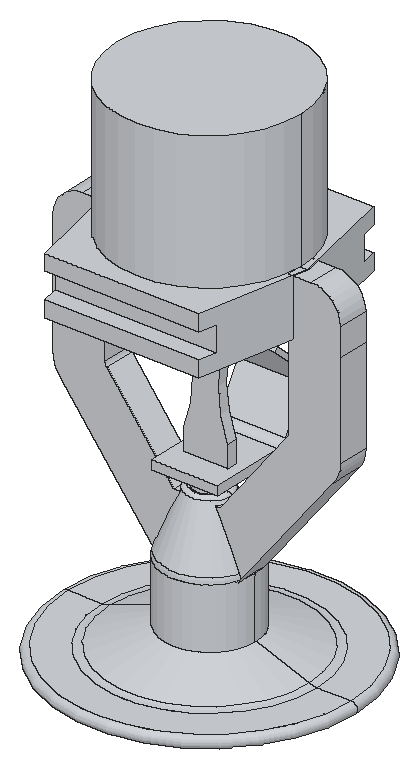
Revit family
Parameters (values of type "RASCO JL112 PENDENT")
  Temperature Rating = 212 °F
  Response = 1
  RASCO SIN # = "R7216"
  RASCO Part # = "JL112P2W"
  Pressure Rating = "175 PSI"
  Pressure Class = (empty or 0)
  Orifice Size = 3/4"
  Orifice = (empty or 0)
  Model = "JL112"
  Manufacturer = "RASCO"
  K-Factor = 11.2
  Description = "WHITE FINISH"
  Coverage = (empty or 0)
Reference planes (in)
  plane 1 "Center (Front/Back)": y = 0
  plane 2: z = 0
  plane 3 "Center (Left/Right)": x = 0
Nested families (in)
  nested 1: "JL112P2W" at (0, 0, 2.95) x (-1, 0, 0) z (0, 0, -1), type "RASCO JL112 PENDENT"
Connectors (in)
  piping at (0, 0, 2.95)
    settings: on nested 1, index 1, connector radius 1/2", flow factor 0, pipe flow 0 GPM, pressure drop 0.00 psi, fitting loss kfactor 0, connector angle 0.00°, fixture units 0, flow configuration 0, flow direction 0, fitting loss method 0, system type 7, connector reference index -1, connector utility 0, adjustable connector no, is connector primary yes, fitting loss table "", connector description ""
Definition of nested family "JL112P2W"
  Parameters (values of type "RASCO JL112 PENDENT")
    Type Comments = ""
    Temperature Rating = 0 °F
    Response = (empty or 0)
    Pressure Rating = "0"
    Pressure Class = (empty or 0)
    Orifice Size = 0"
    Orifice = (empty or 0)
    Model = ""
    Manufacturer = ""
    K-Factor = 0
    Description = ""
    Coverage = (empty or 0)
    Assembly Code = ""
  Reference planes (in)
    plane 1 "Center (Front/Back)": y = 0
    plane 2: z = 0
    plane 3 "REF.1": z = 0.773
    plane 4 "top": z = 2.8125
    plane 5: x = -0.81624
    plane 6: x = 0.81332
    plane 7 "ref.2": z = 2.098
    plane 8 "head": z = 2.6725
    plane 9 "left/right center": x = 0
    plane 10 "screw": z = 1.98251
    plane 11 "link2": through (0, -0.02489, 1.21079) normal (0, 0.6767, -0.7363)
    plane 12: z = 2.95
  Forms (in)
    Extrusion 1, solid
      sketch origin (0, 0, 0) x (1, 0, 0) y (0, 1, 0)
        loop
          circle (0, 0) r 0.5221
      from 0 to 0.773
    Extrusion 2, solid
      sketch origin (0, 0, 0.773) x (-1, 0, 0) y (0, -1, 0)
        loop
          line (-0.43619, -0.62052) -> (0.4375, -0.62052) -> (0.56391, 0) -> (0.4375, 0.62052) -> (-0.43619, 0.62052) -> (-0.56259, 0) -> (-0.43619, -0.62052)
      from 0 to 0.325
    Extrusion 3, void
      sketch origin (0, 0, 0) x (1, 0, 0) y (0, 0, 1)
        loop
          line (-0.56391, 1.00774) -> (-0.56391, 0.86298) -> (0.56259, 0.86298) -> (0.56259, 1.00774) -> (-0.56391, 1.00774)
      from 0.52148 to 0.62052
    Extrusion 4, solid
      sketch origin (0, 0, 0) x (1, 0, 0) y (0, 0, 1)
        loop
          line (-0.5221, 0.773) -> (-0.5221, 1.098) -> (-0.5221, 1.58091)
          arc (-0.5221, 1.58091) -> (-0.5194, 1.59708) -> (-0.51161, 1.61149) r 0.04979
          line (-0.51161, 1.61149) -> (-0.13316, 2.098) -> (-0.00066, 2.098) -> (0.13184, 2.098) -> (0.5115, 1.61158)
          arc (0.5115, 1.61158) -> (0.51938, 1.59706) -> (0.5221, 1.58077) r 0.05007
          line (0.5221, 1.58077) -> (0.5221, 1.098) -> (0.5221, 0.773) -> (0.64763, 0.773)
          arc (0.64763, 0.773) -> (0.76676, 0.82234) -> (0.8161, 0.94147) r 0.16847
          line (0.8161, 0.94147) -> (0.8161, 1.098) -> (0.8161, 1.63725)
          arc (0.8161, 1.63725) -> (0.80631, 1.69579) -> (0.77801, 1.74796) r 0.17993
          line (0.77801, 1.74796) -> (0.18552, 2.50706) -> (-0.18743, 2.50706) -> (-0.77818, 1.74764)
          arc (-0.77818, 1.74764) -> (-0.80636, 1.69554) -> (-0.8161, 1.63712) r 0.18
          line (-0.8161, 1.63712) -> (-0.8161, 1.098) -> (-0.8161, 0.94094)
          arc (-0.8161, 0.94094) -> (-0.76691, 0.82219) -> (-0.64816, 0.773) r 0.16794
          line (-0.64816, 0.773) -> (-0.5221, 0.773)
      from -0.08649 to 0.08732
    Extrusion 5, void
      sketch origin (0.00728, 1.142, 0) x (1, 0, 0) y (0, 0, 1)
        loop
          line (-0.56391, 1.00774) -> (-0.56391, 0.86298) -> (0.56259, 0.86298) -> (0.56259, 1.00774) -> (-0.56391, 1.00774)
      from 0.52148 to 0.62052
    Revolve 6, solid
      sketch origin (0, 0, 0) x (1, 0, 0) y (0, 0, 1)
        loop
          line (-0.00066, 2.8125) -> (-0.24139, 2.8125)
          arc (-0.24139, 2.8125) -> (-0.25522, 2.80677) -> (-0.26095, 2.79293) r 0.01957
          line (-0.26095, 2.79293) -> (-0.26095, 2.42899)
          arc (-0.26095, 2.42899) -> (-0.25939, 2.41285) -> (-0.25476, 2.3973) r 0.08419
          line (-0.25476, 2.3973) -> (-0.12582, 2.07995)
          arc (-0.12582, 2.07995) -> (-0.11591, 2.06775) -> (-0.10088, 2.06316) r 0.02692
          line (-0.10088, 2.06316) -> (-0.00066, 2.06316) -> (-0.00066, 2.8125)
        axis (-0.00066, 2.8125) -> (-0.00066, 2.06316)
      angle from 0 to 360
    Extrusion 7, solid
      sketch origin (0, 0, 2.8125) x (-1, 0, 0) y (0, -1, 0)
        loop
          circle (0.00095, 0) r 0.18173
      from 0 to 0.01153
    Extrusion 8, solid
      sketch origin (0, 0, 0) x (1, 0, 0) y (0, 0, 1)
        loop
          line (-0.00066, 1.098) -> (0.12634, 1.098) -> (0.12634, 1.25094)
          arc (0.12634, 1.25094) -> (0.07205, 1.52876) -> (0.12634, 1.80659) r 0.738
          line (0.12634, 1.80659) -> (0.12634, 1.9285) -> (-0.12716, 1.9285) -> (-0.12716, 1.80659)
          arc (-0.12716, 1.80659) -> (-0.07288, 1.52876) -> (-0.12716, 1.25094) r 0.73821
          line (-0.12716, 1.25094) -> (-0.12716, 1.098) -> (-0.00066, 1.098)
      from -0.02698 to 0.02489
    Extrusion 9, solid
      sketch origin (0, 0, 0) x (0, 0, -1) y (0, -1, 0)
        loop
          line (-1.92851, 0.17394) -> (-1.98251, 0.17394) -> (-1.98251, -0.23992)
          arc (-1.98251, -0.23992) -> (-1.96437, -0.3088) -> (-1.91467, -0.35983) r 0.13989
          line (-1.91467, -0.35983) -> (-1.70246, -0.48734)
          arc (-1.70246, -0.48734) -> (-1.69224, -0.50115) -> (-1.69478, -0.51815) r 0.02246
          line (-1.69478, -0.51815) -> (-1.72641, -0.57081) -> (-1.68013, -0.59862) -> (-1.63469, -0.52299)
          arc (-1.63469, -0.52299) -> (-1.62907, -0.4854) -> (-1.65167, -0.45485) r 0.04966
          line (-1.65167, -0.45485) -> (-1.89842, -0.30659)
          arc (-1.89842, -0.30659) -> (-1.92047, -0.28396) -> (-1.92851, -0.25341) r 0.06204
          line (-1.92851, -0.25341) -> (-1.92851, 0.17394)
      from -0.18664 to 0.18723
    Extrusion 10, solid
      sketch origin (0, 0, 1.98251) x (-1, 0, 0) y (0, -1, 0)
        loop
          circle (0, 0) r 0.087
      from 0 to 0.0806
    Extrusion 11, solid
      sketch origin (0, -0.61464, 0.66881) x (0, -0.736298, -0.676658) y (-1, 0, 0)
        loop
          line (-0.69009, 0.00066) -> (-0.69009, 0.24966) -> (-0.83009, 0.38966) -> (-1.45483, 0.38966) -> (-1.59483, 0.24966) -> (-1.59483, -0.24834) -> (-1.45483, -0.38834) -> (-0.83009, -0.38834) -> (-0.69009, -0.24834) -> (-0.69009, 0.00066)
      from -0.02887 to 0
    Revolve 12, solid
      sketch origin (0, 0, 0) x (1, 0, 0) y (0, 0, 1)
        loop
          arc (-0.80122, 2.885) -> (-0.83852, 2.91496) -> (-0.80594, 2.95) r 0.03267
          line (-0.80594, 2.95) -> (-0.60991, 2.95)
          arc (-0.60991, 2.95) -> (-0.57643, 2.94718) -> (-0.5439, 2.93879) r 0.2
          line (-0.5439, 2.93879) -> (-0.19802, 2.81786)
          arc (-0.19802, 2.81786) -> (-0.18245, 2.81385) -> (-0.16643, 2.8125) r 0.09569
          line (-0.16643, 2.8125) -> (-0.00095, 2.8125) -> (-0.00095, 2.7475) -> (-0.1684, 2.7475)
          arc (-0.1684, 2.7475) -> (-0.19336, 2.7496) -> (-0.21761, 2.75585) r 0.14908
          line (-0.21761, 2.75585) -> (-0.56462, 2.87718)
          arc (-0.56462, 2.87718) -> (-0.58732, 2.88303) -> (-0.61069, 2.885) r 0.13958
          line (-0.61069, 2.885) -> (-0.80604, 2.885)
        axis (0, 2.95) -> (0, 2.7475)
      angle from 0 to 360
  Cuts and joins
    Extrusion 3, Extrusion 5 cuts Extrusion 2
  Dimensions and locks (in)
    plane 12 to level = 0' - 2.95"
